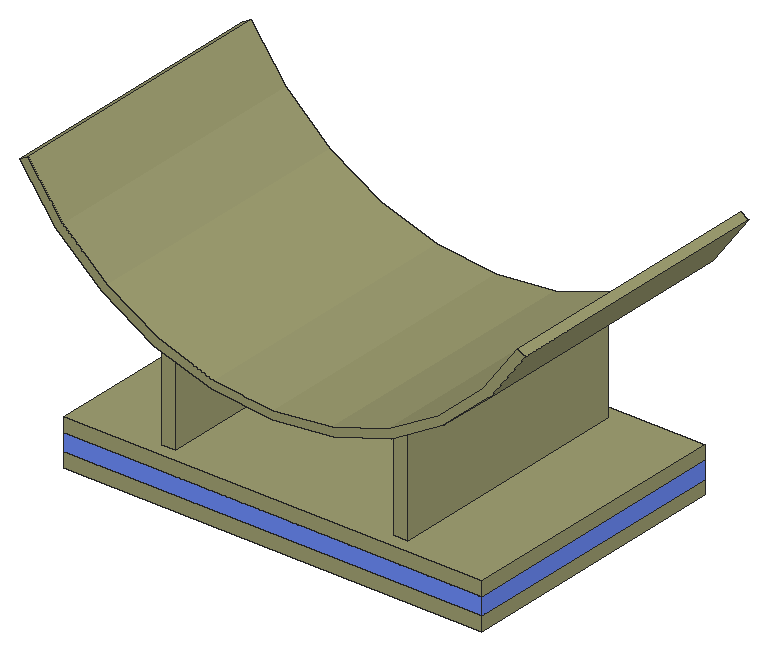
Revit family "Pipe Shoe Anchor Support", category Pipe Fittings, Revit 2014
Parameters (values of type "Standard")
  built-in parameter 1114242 [instance] = (empty or 0)
  Pipe Support = Pipe Support
  Pipe Outside Radius [instance] = Pipe OD / 2  # 406.4 mm
  Nominal Radius [instance] = Nominal Diameter / 2  # 375 mm
  Nominal Diameter [instance] = 750 mm
  Neoprene Pad = Rubber
  Lookup Table Name = "Pipe Shoe Anchor Support"
  Pipe OD [instance] = size_lookup(Lookup Table Name, "POD", Nominal Diameter + 0 mm, Nominal Diameter)  # 812.8 mm
  built-in parameter 1114238 [instance] = 1
  Dimension-X [instance] = size_lookup(Lookup Table Name, "DIMX", Nominal Diameter + 0 mm, Nominal Diameter)  # 20 mm
  Dimension-T [instance] = size_lookup(Lookup Table Name, "DIMT", Nominal Diameter + 0 mm, Nominal Diameter)  # 12 mm
  Dimension-R [instance] = size_lookup(Lookup Table Name, "DIMR", Nominal Diameter + 0 mm, Nominal Diameter)  # 20 mm
  Dimension-G [instance] = size_lookup(Lookup Table Name, "DIMG", Nominal Diameter + 0 mm, Nominal Diameter)  # 540 mm
  Dimension-F [instance] = size_lookup(Lookup Table Name, "DIMF", Nominal Diameter + 0 mm, Nominal Diameter)  # 600 mm
  Dimension-E [instance] = size_lookup(Lookup Table Name, "DIME", Nominal Diameter + 0 mm, Nominal Diameter)  # 350 mm
  Dimension-D [instance] = size_lookup(Lookup Table Name, "DIMD", Nominal Diameter + 0 mm, Nominal Diameter)  # 140 mm
  Dimension-C [instance] = size_lookup(Lookup Table Name, "DIMC", Nominal Diameter + 0 mm, Nominal Diameter)  # 20 mm
  Dimension-A [instance] = size_lookup(Lookup Table Name, "DIMA", Nominal Diameter + 0 mm, Nominal Diameter)  # 360 mm
Reference planes
  plane 1 "Center (Front/Back)": y = 0
  plane 2: z = 0
  plane 3 "Center (Left/Right)": x = 0
  plane 4: z = -540
  plane 5 "Neoprene": z = -565
  plane 6 "Bot": z = -585
  plane 7: z = -520
  plane 8: z = -380
  plane 9: x = -300
  plane 10: x = 300
  plane 11: x = -175
  plane 12: x = 175
  plane 13: x = -155
  plane 14: x = 155
  plane 15: y = 180
  plane 16: y = -180
  plane 17 "E1": y = 200
  plane 18 "E2": y = -200
  plane 19: through (0, -4572, 0) normal (0.5, 0, -0.866)
  plane 20: through (0, -4572, 0) normal (0.5, 0, 0.866)
  plane 21: x = -406.4
  plane 22: x = 406.4
  plane 23: x = 481.4
  plane 24: x = -481.4
  plane 25: x = -556.4
  plane 26: x = 556.4
Forms (mm)
  Extrusion 1, solid, material "Pipe Support" <- "Pipe Support"
    sketch origin (0, 0, -585) x (-1, 0, 0) y (0, -1, 0)
      loop
        line (300, 200) -> (-300, 200) -> (-300, -200) -> (300, -200) -> (300, 200)
    from 0 to 20
  Extrusion 2, solid, material "Rubber"
    sketch origin (0, 0, -565) x (-1, 0, 0) y (0, -1, 0)
      loop
        line (300, 200) -> (-300, 200) -> (-300, -200) -> (300, -200) -> (300, 200)
    from 0 to 25
  Extrusion 3, solid, material "Pipe Support" <- "Pipe Support"
    sketch origin (0, 0, -585) x (-1, 0, 0) y (0, -1, 0)
      loop
        line (300, 200) -> (-300, 200) -> (-300, -200) -> (300, -200) -> (300, 200)
    from 45 to 65
  Extrusion 4, solid, material "Pipe Support" <- "Pipe Support"
    sketch origin (0, -200, 0) x (-1, 0, 0) y (0, 0, 1)
      loop
        arc (351.953, -203.2) -> (0, -406.4) -> (-351.953, -203.2) r 406.4
        line (-351.953, -203.2) -> (-362.345, -209.2)
        arc (-362.345, -209.2) -> (0, -418.4) -> (362.345, -209.2) r 418.4
        line (362.345, -209.2) -> (351.953, -203.2)
    from 0 to 400
  Extrusion 5, solid, material "Pipe Support" <- "Pipe Support"
    sketch origin (0, -200, 0) x (-1, 0, 0) y (0, 0, 1)
      loop
        line (175, -520) -> (175, -380) -> (155, -380) -> (155, -520) -> (175, -520)
    from 20 to 380
  Extrusion 6, solid, material "Pipe Support" <- "Pipe Support"
    sketch origin (2.264, -200, 0) x (-1, 0, 0) y (0, 0, 1)
      loop
        line (-155, -520) -> (-155, -380) -> (-175, -380) -> (-175, -520) -> (-155, -520)
    from 20 to 380
Lines and regions (mm)
  symbolic lines
    curve 1: line (406.4, 200, 0) -> (481.4, 200, 0)
    curve 2: line (481.4, 200, 0) -> (481.4, -200, 0)
    curve 3: line (481.4, -200, 0) -> (406.4, -200, 0)
    curve 4: line (-406.4, 200, 0) -> (-481.4, 200, 0)
    curve 5: line (-481.4, 200, 0) -> (-481.4, -200, 0)
    curve 6: line (-481.4, -200, 0) -> (-406.4, -200, 0)
  symbolic lines, style "Pipe Fittings-Hidden"
    curve 7: line (-406.4, 200, 0) -> (406.4, 200, 0)
    curve 8: line (-406.4, -200, 0) -> (406.4, -200, 0)
  symbolic lines, style "Pipe Fittings-Center"
    curve 9: line (-556.4, 0, 0) -> (556.4, 0, 0)
Dimensions and locks
  "Dimension-G": level to plane 4
  locked: plane 4 to plane 5 "Neoprene" at 25
  "Dimension-X": plane 5 "Neoprene" to plane 6 "Bot"
  "Dimension-X": plane 7 to plane 4
  "Dimension-D": plane 8 to plane 7
  equal spacing: plane 10, plane 3 "Center (Left/Right)", plane 9
  "Dimension-F": plane 10 to plane 9
  equal spacing: plane 12, plane 3 "Center (Left/Right)", plane 11
  "Dimension-E": plane 12 to plane 11
  "Dimension-X": plane 13 to plane 11
  "Dimension-X": plane 12 to plane 14
  equal spacing: plane 15, plane 1 "Center (Front/Back)", plane 16
  "Dimension-A": plane 15 to plane 16
  "Dimension-C": plane 17 "E1" to plane 15
  "Dimension-C": plane 16 to plane 18 "E2"
  "Dimension-T": Extrusion 4 sketch curve to Extrusion 4 sketch curve
  equal spacing: plane 21, plane 3 "Center (Left/Right)", plane 22
  "Pipe OD": plane 21 to plane 22
  locked: plane 22 to plane 23 at 75
  locked: plane 24 to plane 21 at 75
  locked: plane 23 to plane 26 at 75
  locked: plane 25 to plane 24 at 75
  "Pipe Outside Radius": radius of Extrusion 4 sketch curve
  aligned and locked: plane 5 "Neoprene" to Extrusion 1
  aligned and locked: plane 7 to Extrusion 3
  aligned and locked: Extrusion 3 to plane 4
  aligned and locked: plane 17 "E1" to Extrusion 4
  aligned and locked: plane 15 to Extrusion 5
  aligned and locked: Extrusion 5 to plane 16
  aligned and locked: plane 15 to Extrusion 6
  aligned and locked: Extrusion 6 to plane 16
Automatic sketch dimensions
  Extrusion 1 sketch curve to plane 10 = 0 mm
  Extrusion 1 sketch curve to plane 9 = 0 mm
  Extrusion 1 sketch curve to plane 17 "E1" = 0 mm
  Extrusion 1 sketch curve to plane 18 "E2" = 0 mm
  Extrusion 2 sketch curve to plane 10 = 0 mm
  Extrusion 2 sketch curve to plane 9 = 0 mm
  Extrusion 2 sketch curve to plane 17 "E1" = 0 mm
  Extrusion 2 sketch curve to plane 18 "E2" = 0 mm
  Extrusion 3 sketch curve to plane 10 = 0 mm
  Extrusion 3 sketch curve to plane 9 = 0 mm
  Extrusion 3 sketch curve to plane 17 "E1" = 0 mm
  Extrusion 3 sketch curve to plane 18 "E2" = 0 mm
  Extrusion 4 sketch curve to Extrusion 4 sketch curve = 0 mm  (x2)
  Extrusion 4 sketch curve to plane 20 = 0 mm  (x2)
  Extrusion 4 sketch curve to level = 0 mm
  Extrusion 4 sketch curve to plane 3 "Center (Left/Right)" = 0 mm
  Extrusion 4 sketch curve to plane 19 = 0 mm  (x2)
  Extrusion 5 sketch curve to plane 7 = 0 mm
  Extrusion 5 sketch curve to plane 13 = 0 mm
  Extrusion 5 sketch curve to plane 8 = 0 mm
  Extrusion 5 sketch curve to plane 11 = 0 mm
  Extrusion 6 sketch curve to plane 7 = 0 mm
  Extrusion 6 sketch curve to plane 8 = 0 mm
  plane 14 to Extrusion 6 sketch curve = 2.264 mm
  plane 12 to Extrusion 6 sketch curve = 2.264 mm
  plane 1 "Center (Front/Back)" to curve 9 = 0 mm
  curve 9 to plane 25 = 0 mm
  curve 4 to plane 17 "E1" = 0 mm
  curve 4 to plane 24 = 0 mm
  curve 4 to plane 21 = 0 mm
  curve 8 to plane 18 "E2" = 0 mm
  curve 8 to plane 21 = 0 mm
  curve 7 to plane 22 = 0 mm
  curve 8 to plane 22 = 0 mm
  curve 2 to plane 23 = 0 mm
  curve 9 to plane 26 = 0 mm
Connectors
  piping at (0, 0, 0), diameter 750, driven by "Nominal Diameter"
    settings: index 1, connector inside diameter 609.6 mm, connector length 0 mm, flow factor 0, pipe flow 0.0 L/s, pressure drop 0.0 Pa, fitting loss kfactor 0, connector angle 0.00°, fixture units 0, engagement length 0 mm, angle of deflection 0.00°, flow configuration 0, flow direction 0, fitting loss method 0, system type 28, joint type 0, gender type 0, connector reference index -1, connector utility 0, adjustable connector no, is connector primary yes, connector description ""
